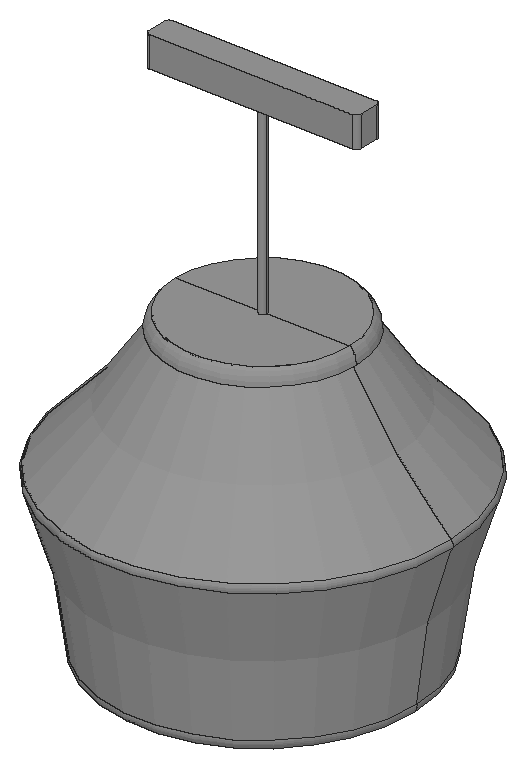
Revit family "63_UN_Pendant_GO-2L Track_Signify", category Lighting Fixtures, Revit 2019
Family settings
  Round Connector Dimension = Use Diameter
  Part Type = Normal
  OmniClass Number = 23.80.70.11
  OmniClass Title = Luminaries for Internal Lighting
  Work Plane-Based = No
  Always vertical = Yes
  Cut with Voids When Loaded = No
  Light Source = No
  Shared = No
  Room Calculation Point = Yes
Parameters (values of type "GO-1L")
  Wattage Comments = "10W"
  Voltage = 230 V
  URL = "https://www.signify.com/global/innovation/3d-printing"
  Type Comments = "GO-2L"
  Pendant_Material = UHMW, Black
  Pendant_Length [instance] = 200 mm
  Symbol_ToScale [instance] = yes
  Symbol_RealSize [instance] = not(Symbol_ToScale)  # no
  Switch Code [instance] = ""
  Model = "Pendant"
  Manufacturer = "Signify"
  Luminaire Code [instance] = ""
  Lamp = "LED"
  IfcExportType = "USERDEFINED"
  IfcExportAs = "IfcLightFixtureType"
  Housing_Material = Select RGB Value for different appearance
  Description = ""
  Content Creator® = "www.ivlibrary.com"
  Calc_Pendant_Length [instance] = if(Pendant_Length < 200 mm, 200 mm, if(Pendant_Length > 3000 mm, 3000 mm, Pendant_Length))  # 200 mm
  Assembly Code = "63.0"
  Apparent Load = 10 VA
Reference planes
  plane 1 "Center (Front/Back)": y = 0
  plane 2: z = 0
  plane 3 "Center (Left/Right)": x = 0
  plane 4: z = -200
  plane 5: z = -330
Forms (mm)
  Extrusion 1, solid, material "UHMW, Black" <- "Pendant_Material"
    sketch origin (0, 0, 0) x (1, 0, 0) y (0, 1, 0)
      loop
        circle (0, 0) r 3.848
    from -200 to 0
  Extrusion 2, solid, material "UHMW, Black" <- "Pendant_Material"
    sketch origin (0, 0, 0) x (1, 0, 0) y (0, 1, 0)
      loop
        arc (-106.872, 14.982) -> (-110.407, 13.518) -> (-111.872, 9.982) r 5
        line (-111.872, 9.982) -> (-111.872, -9.982)
        arc (-111.872, -9.982) -> (-110.407, -13.518) -> (-106.872, -14.982) r 5
        line (-106.872, -14.982) -> (106.872, -14.982)
        arc (106.872, -14.982) -> (110.407, -13.518) -> (111.872, -9.982) r 5
        line (111.872, -9.982) -> (111.872, 9.982)
        arc (111.872, 9.982) -> (110.407, 13.518) -> (106.872, 14.982) r 5
        line (106.872, 14.982) -> (-106.872, 14.982)
    from -2 to 30
Lines and regions (mm)
  symbolic lines, visible <- "Symbol_RealSize"
    curve 1: circle (0, 0, 0) r 200 normal (0, 0, 1)
    curve 2: line (-141.421, 141.421, 0) -> (0, 0, 0)
    curve 3: line (0, 0, 0) -> (-141.421, -141.421, 0)
    curve 4: line (141.421, 141.421, 0) -> (0, 0, 0)
    curve 5: line (0, 0, 0) -> (141.421, -141.421, 0)
Dimensions and locks
  "Calc_Pendant_Length": plane 2 to plane 4
  locked: plane 4 to plane 5 at 130
  Extrusion 2 sketch curve to Extrusion 2 sketch curve = 223.743 mm
  Extrusion 2 sketch curve to Extrusion 2 sketch curve = 29.965 mm
  aligned and locked: level to plane 2
  aligned and locked: plane 2 to Extrusion 1
  aligned and locked: plane 4 to Extrusion 1
  aligned and locked: nested 1 to plane 4
Automatic sketch dimensions
  plane 1 "Center (Front/Back)" to curve 2 = 0 mm
  curve 2 to plane 3 "Center (Left/Right)" = 0 mm
  plane 1 "Center (Front/Back)" to curve 1 = 0 mm
  curve 1 to plane 3 "Center (Left/Right)" = 0 mm
  curve 3 to plane 3 "Center (Left/Right)" = 141.421 mm
  curve 2 to plane 3 "Center (Left/Right)" = 141.421 mm
  plane 1 "Center (Front/Back)" to curve 5 = 141.421 mm
  plane 1 "Center (Front/Back)" to Extrusion 1 sketch curve = 0 mm
  Extrusion 1 sketch curve to plane 3 "Center (Left/Right)" = 0 mm
  plane 1 "Center (Front/Back)" to Extrusion 2 sketch curve = 9.982 mm
  Extrusion 2 sketch curve to plane 3 "Center (Left/Right)" = 111.872 mm
  Extrusion 2 sketch curve to Extrusion 2 sketch curve = 5 mm  (x4)
  radius of Extrusion 1 sketch curve = 3.848 mm
Nested families
  nested 1: "GO-2L" at (0, 0, -200), Housing_Material <- "Housing_Material", type "Geometry"
    with Housing_Material Select RGB Value for different appearance
  nested 2: "Ø400 Symbol_Signify" at (0, 0, 0), visible <- "Symbol_ToScale", type "Ø400 Symbol_Signify"
Connectors
  electrical at (0, 0, 0), driven by "Apparent Load", driven by "Voltage"
    settings: index 1, voltage 230 V, apparent load 0 VA, apparent load phase1 10 VA, apparent load phase2 0 VA, apparent load phase3 0 VA, power factor 1, load classification "Other", number of poles 1, system type 31, power factor state 1, is connector primary yes, connector utility no, sub classification motor no, connector description ""
Definition of nested family "GO-2L"
  Parameters (values of type "Geometry")
    URL = "Signify.com"
    Type Comments = ""
    Model = "Geometry"
    Manufacturer = "Signify"
    Lamp = "LED"
    Housing_Material [instance] = none
    Assembly Code = "63.xx"
    Apparent Load = 41 VA
  Reference planes
    plane 1 "Center (Front/Back)": y = 0
    plane 2: z = 0
    plane 3 "Center (Left/Right)": x = 0
    plane 4: z = 0
  Forms (mm)
    Revolve 1, solid, material <- "Housing_Material"
      sketch origin (0, 0, 20.589) x (1, 0, 0) y (0, 0, 1)
        loop
          arc (-93.969, -36.196) -> (-141.081, -104.999) -> (-198.134, -165.813) r 545.203
          arc (-198.134, -165.813) -> (-199.495, -169.925) -> (-198.827, -174.205) r 9.22
          arc (-198.827, -174.205) -> (-173.949, -252.029) -> (-162.193, -332.883) r 495.656
          arc (-162.193, -332.883) -> (-160.369, -340.103) -> (-154.382, -344.533) r 11.069
          arc (-154.382, -344.533) -> (-77.266, -374.531) -> (-5.666, -416.007) r 537.583
          arc (-5.666, -416.007) -> (-2.965, -417.389) -> (0, -418.035) r 11.77
          line (0, -418.035) -> (0, -417.031)
          arc (0, -417.031) -> (-2.668, -416.433) -> (-5.1, -415.183) r 10.77
          arc (-5.1, -415.183) -> (-76.832, -373.629) -> (-154.092, -343.576) r 538.583
          arc (-154.092, -343.576) -> (-159.559, -339.514) -> (-161.19, -332.902) r 10.069
          arc (-161.19, -332.902) -> (-172.965, -251.844) -> (-197.903, -173.823) r 496.656
          arc (-197.903, -173.823) -> (-198.503, -170.074) -> (-197.355, -166.455) r 8.22
          arc (-197.355, -166.455) -> (-140.077, -105.345) -> (-92.815, -36.196) r 546.203
          line (-92.815, -36.196) -> (-93.969, -36.196)
        axis (0, -36.196) -> (0, -418.035)
      angle from 0 to 360
    Revolve 2, solid
      sketch origin (0, 0, 0) x (1, 0, 0) y (0, 0, 1)
        loop
          line (0, -15.607) -> (0, 0) -> (-91.441, 0)
          arc (-91.441, 0) -> (-96.571, -7.066) -> (-98.39, -15.607) r 21.034
          line (-98.39, -15.607) -> (0, -15.607)
        axis (0, 0) -> (0, -15.607)
      angle from 0 to 360
  Lines and regions (mm)
    reference lines
      curve 1: line (-173.969, 0, 0) -> (173.969, 0, 0)
  Dimensions and locks
    aligned and locked: level to plane 2
Definition of nested family "Ø400 Symbol_Signify"
  Reference planes
    plane 1: y = 0
    plane 2: x = 0
  Lines and regions (mm)
    detail lines
      curve 1: circle (0, 0, 0) r 2 normal (0, 0, 1)
      curve 2: line (0, 0, 0) -> (-1.414, -1.414, 0)
      curve 3: line (-1.414, 1.414, 0) -> (0, 0, 0)
      curve 4: line (0, 0, 0) -> (1.414, -1.414, 0)
      curve 5: line (1.414, 1.414, 0) -> (0, 0, 0)
